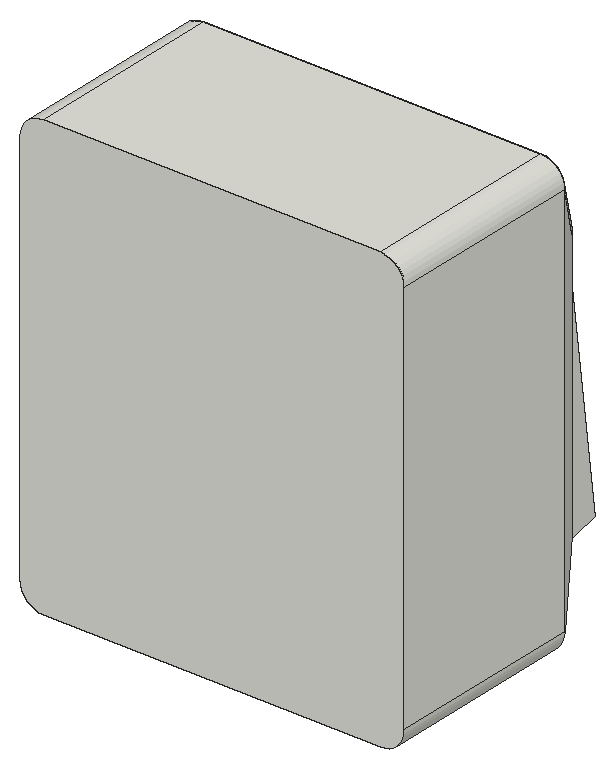
Revit family "IEK_Выключатель_ОУ_СИнд_10А_1кл_IP54_ГЕРМЕС_PLUS", category Выключатели, Revit 2019
Family settings
  Сохранять ориентацию аннотаций = Да
  Размер круглого соединителя = Использовать диаметр
  Тип детали = Переключатель
  На основе рабочей плоскости = Нет
  Всегда вертикально = Да
  При загрузке вырезать с полостями = Нет
  Общий = Нет
  Точка расчета площади = Нет
Parameters (values of type "ВС20-1-1-ГПБ")
  Ширина = 72 mm  # constant formula
  Тип монтажа = "Поверхность монтажа (открытая установка)"  # constant formula
  Степень защиты = "IP54"  # constant formula
  Описание = "Изделия серии \"ГЕРМЕС PLUS\" используются в помещениях с повышенной влажностью или запыленностью, а также под навесом на открытом воздухе."
  Изготовитель = "IEK"  # constant formula
  Диаметр_Короб [instance] = 16 mm
  Глубина = 52 mm  # constant formula
  Высота = 72 mm  # constant formula
  ΔХ [instance] = 2000 mm
  ΔY [instance] = 2000 mm
  URL = "https://www.iek.ru/"
  IEK_Поиск в таблице имен = ""
  ADSK_Ток [instance] = 10 A  # constant formula
  ADSK_Примечание = ""
  ADSK_Полная мощность [instance] = ADSK_Номинальная мощность / ADSK_Коэффициент мощности  # 2200 VA
  ADSK_Позиция [instance] = ""
  ADSK_Номинальная мощность [instance] = ADSK_Ток * ADSK_Напряжение * sqrt(ADSK_Количество фаз числовое) * ADSK_Коэффициент мощности  # 2200 W
  ADSK_Напряжение = 220 V
  ADSK_Наименование краткое = "ВС20-1-1-ГПБ"
  ADSK_Наименование = "Выключатель 1-клавишный для открытой установки с индикацией ВС20-1-1-ГПБ IP54 ГЕРМЕС PLUS (цвет клавиши: белый) IEK"
  ADSK_Материал обозначение = ""
  ADSK_Материал наименование = "Пластик"  # constant formula
  ADSK_Материал = Цвет белый
  ADSK_Масса = 0.11
  ADSK_Марка = "ГЕРМЕС PLUS"  # constant formula
  ADSK_Коэффициент мощности [instance] = 1  # constant formula
  ADSK_Количество фаз числовое = 1
  ADSK_Количество фаз = 1
  ADSK_Код изделия = "EVMP11-K01-10-54-EC"
  ADSK_Классификация нагрузок [instance] = Прочее
  ADSK_Завод-изготовитель = Изготовитель  # "IEK"
  ADSK_Единица измерения = "шт."  # constant formula
  ADSK_Группирование = "Электроустановочные изделия низковольтные"  # constant formula
  ADSK_Версия семейства = "01.10.25"  # constant formula
  ADSK_Версия Revit = "v2019"  # constant formula
  ADSK_URL страницы изделия = "https://qr.iek.group/EVMP11-K01-10-54-EC"
Reference planes
  plane 1 "По центру (Вперед/Назад)": y = 0
  plane 2: z = 0
  plane 3 "По центру (Влево/Вправо)": x = 0
  plane 4 "Высота ножек": z = 280
  plane 5 "Высота": z = 2081.496
  plane 6: x = -2000
  plane 7: y = 2000
Forms (mm)
  Extrusion 1, solid, detail levels coarse
    sketch origin (5.5, 24, 0) x (1, 0, 0) y (0, 1, 0)
      loop
        line (-38, -24) -> (27, -24) -> (27, 22.483) -> (-38, 22.483) -> (-38, -24)
    from 0 to 75
  Extrusion 2, solid, detail levels medium
    sketch origin (-5.5, 24, 0) x (1, 0, 0) y (0, 1, 0)
      loop
        line (-27, 22.483) -> (-27, -24) -> (38, -24) -> (38, 22.483) -> (-27, 22.483)
    from 0 to 75
  Extrusion 3, solid, material "Цвет белый" <- "ADSK_Материал", detail levels fine
    sketch origin (0, 0, 556.425) x (1, 0, 0) y (0, 0, -1)
      loop
        arc (-32.5, 485.425) -> (-31.328, 482.596) -> (-28.5, 481.425) r 4
        line (-28.5, 481.425) -> (28.5, 481.425)
        arc (28.5, 481.425) -> (31.328, 482.596) -> (32.5, 485.425) r 4
        line (32.5, 485.425) -> (32.5, 552.425)
        arc (32.5, 552.425) -> (31.328, 555.253) -> (28.5, 556.425) r 4
        line (28.5, 556.425) -> (-28.5, 556.425)
        arc (-28.5, 556.425) -> (-31.328, 555.253) -> (-32.5, 552.425) r 4
        line (-32.5, 552.425) -> (-32.5, 485.425)
    from 0 to 33.882
  Blend 4, solid, material "Цвет белый" <- "ADSK_Материал", detail levels fine
    base sketch origin (0, 0, 556.425) x (1, 0, 0) y (0, 0, -1)
      loop
        arc (-32.5, 485.425) -> (-31.328, 482.596) -> (-28.5, 481.425) r 4
        line (-28.5, 481.425) -> (28.5, 481.425)
        arc (28.5, 481.425) -> (31.328, 482.596) -> (32.5, 485.425) r 4
        line (32.5, 485.425) -> (32.5, 552.425)
        arc (32.5, 552.425) -> (31.328, 555.253) -> (28.5, 556.425) r 4
        line (28.5, 556.425) -> (-28.5, 556.425)
        arc (-28.5, 556.425) -> (-31.328, 555.253) -> (-32.5, 552.425) r 4
        line (-32.5, 552.425) -> (-32.5, 485.425)
    top sketch origin (0, 0, 556.425) x (1, 0, 0) y (0, 0, -1)
      loop
        arc (-28.842, 496.034) -> (-27.846, 493.63) -> (-25.442, 492.634) r 3.4
        line (-25.442, 492.634) -> (25.445, 492.634)
        arc (25.445, 492.634) -> (27.849, 493.63) -> (28.845, 496.034) r 3.4
        line (28.845, 496.034) -> (28.845, 541.816)
        arc (28.845, 541.816) -> (27.849, 544.22) -> (25.445, 545.216) r 3.4
        line (25.445, 545.216) -> (-25.442, 545.216)
        arc (-25.442, 545.216) -> (-27.846, 544.22) -> (-28.842, 541.816) r 3.4
        line (-28.842, 541.816) -> (-28.842, 496.034)
    from 33.882 to 40
  Extrusion 5, void
    sketch origin (0, 0, 556.425) x (1, 0, 0) y (0, 0, -1)
      loop
        line (-28.25, 541.393) -> (-28.25, 496.243)
        arc (-28.25, 496.243) -> (-27.371, 494.122) -> (-25.25, 493.243) r 3
        line (-25.25, 493.243) -> (25.25, 493.243)
        arc (25.25, 493.243) -> (27.371, 494.122) -> (28.25, 496.243) r 3
        line (28.25, 496.243) -> (28.25, 541.393)
        arc (28.25, 541.393) -> (27.371, 543.514) -> (25.25, 544.393) r 3
        line (25.25, 544.393) -> (-25.25, 544.393)
        arc (-25.25, 544.393) -> (-27.371, 543.514) -> (-28.25, 541.393) r 3
    from 38.844 to 40
  Extrusion 6, solid, material "Цвет белый" <- "ADSK_Материал", detail levels fine
    sketch origin (0, 8.344, 557.693) x (0, 0, -1) y (0, 1, 0)
      loop
        line (545.332, 30.5) -> (543.608, 38.121)
        arc (543.608, 38.121) -> (519.308, 36.271) -> (495.326, 31.933) r 236.751
        line (495.326, 31.933) -> (495.326, 30.5) -> (545.332, 30.5)
    from -27.5 to 27.5
  Extrusion 7, void
    sketch origin (0, 0, 0) x (1, 0, 0) y (0, 0, 1)
      loop
        arc (5, 15.963) -> (0, 18.33) -> (-5, 15.963) r 6.464
        line (-5, 15.963) -> (5, 15.963)
    from -46.483 to -44.647
  Extrusion 8, solid, material "Стекло красное", detail levels fine
    sketch origin (0, 0, 0) x (1, 0, 0) y (0, 0, 1)
      loop
        arc (5, 15.963) -> (0, 18.33) -> (-5, 15.963) r 6.464
        line (-5, 15.963) -> (5, 15.963)
    from -46.483 to -44.647
Cuts and joins
  Extrusion 5 cuts Blend 4
  Extrusion 7 cuts Extrusion 1
  Extrusion 7 cuts Extrusion 2
  Extrusion 7 cuts Extrusion 3
Lines and regions (mm)
  reference lines
    curve 1: line (0, 44.647, 0) -> (0, -55.353, 0)
    curve 2: line (-23.829, 0, 0) -> (76.171, 0, 0)
Dimensions and locks
  locked: plane 4 "Высота ножек" to plane 2 at 280
  plane 5 "Высота" to plane 4 "Высота ножек" = 1801.496 mm
  "ΔХ": plane 6 to curve 1
  "ΔY": plane 7 to curve 2
  aligned and locked: level to plane 2
  aligned and locked: curve 2 to nested 1
  aligned and locked: nested 1 to curve 1
Automatic sketch dimensions
  Extrusion 1 sketch curve to plane 1 "По центру (Вперед/Назад)" = 46.483 mm
  Extrusion 1 sketch curve to plane 3 "По центру (Влево/Вправо)" = 32.5 mm
  plane 3 "По центру (Влево/Вправо)" to Extrusion 1 sketch curve = 32.5 mm
  plane 1 "По центру (Вперед/Назад)" to Extrusion 1 sketch curve = 0 mm
  Extrusion 2 sketch curve to plane 3 "По центру (Влево/Вправо)" = 32.5 mm
  plane 3 "По центру (Влево/Вправо)" to Extrusion 2 sketch curve = 32.5 mm
  plane 1 "По центру (Вперед/Назад)" to Extrusion 2 sketch curve = 0 mm
  Extrusion 2 sketch curve to plane 1 "По центру (Вперед/Назад)" = 46.483 mm
  Extrusion 3 sketch curve to level = 0 mm
  Extrusion 3 sketch curve to plane 3 "По центру (Влево/Вправо)" = 32.5 mm
  Extrusion 3 sketch curve to Extrusion 3 sketch curve = 4 mm  (x3)
  plane 3 "По центру (Влево/Вправо)" to Extrusion 3 sketch curve = 28.5 mm  (x2)
  Extrusion 3 sketch curve to Extrusion 3 sketch curve = 67 mm
  Blend 4 sketch curve to level = 0 mm
  Blend 4 sketch curve to plane 3 "По центру (Влево/Вправо)" = 32.5 mm
  Blend 4 sketch curve to Blend 4 sketch curve = 4 mm  (x3)
  plane 3 "По центру (Влево/Вправо)" to Blend 4 sketch curve = 28.5 mm  (x2)
  Blend 4 sketch curve to Blend 4 sketch curve = 67 mm
  Blend 4 sketch curve to plane 3 "По центру (Влево/Вправо)" = 28.842 mm
  Blend 4 sketch curve to Blend 4 sketch curve = 3.4 mm  (x3)
  level to Blend 4 sketch curve = 11.209 mm
  plane 3 "По центру (Влево/Вправо)" to Blend 4 sketch curve = 25.445 mm  (x2)
  Blend 4 sketch curve to Blend 4 sketch curve = 45.782 mm
  Extrusion 5 sketch curve to plane 3 "По центру (Влево/Вправо)" = 28.25 mm
  Extrusion 5 sketch curve to Extrusion 5 sketch curve = 3 mm  (x3)
  plane 3 "По центру (Влево/Вправо)" to Extrusion 5 sketch curve = 25.25 mm  (x2)
  level to Extrusion 5 sketch curve = 15.032 mm
  Extrusion 5 sketch curve to Extrusion 5 sketch curve = 45.15 mm
  level to Extrusion 6 sketch curve = 62.367 mm
  level to Extrusion 6 sketch curve = 14.085 mm
  Extrusion 6 sketch curve to Extrusion 6 sketch curve = 1.724 mm
  level to Extrusion 6 sketch curve = 8.292 mm
  plane 1 "По центру (Вперед/Назад)" to Extrusion 6 sketch curve = 190.215 mm
  Extrusion 6 sketch curve to plane 1 "По центру (Вперед/Назад)" = 38.844 mm
  Extrusion 6 sketch curve to Extrusion 6 sketch curve = 1.433 mm
  Extrusion 7 sketch curve to plane 3 "По центру (Влево/Вправо)" = 0 mm
  Extrusion 7 sketch curve to plane 3 "По центру (Влево/Вправо)" = 5 mm
  level to Extrusion 7 sketch curve = 11.866 mm
  Extrusion 7 sketch curve to Extrusion 7 sketch curve = 4.097 mm
  Extrusion 8 sketch curve to plane 3 "По центру (Влево/Вправо)" = 0 mm
  Extrusion 8 sketch curve to plane 3 "По центру (Влево/Вправо)" = 5 mm
  level to Extrusion 8 sketch curve = 11.866 mm
  Extrusion 8 sketch curve to Extrusion 8 sketch curve = 4.097 mm
  curve 2 to plane 3 "По центру (Влево/Вправо)" = 23.829 mm
  plane 3 "По центру (Влево/Вправо)" to curve 2 = 76.171 mm
  plane 1 "По центру (Вперед/Назад)" to curve 1 = 55.353 mm
  curve 1 to plane 1 "По центру (Вперед/Назад)" = 44.647 mm
Nested families
  nested 1: "УГО Выключателя" at (0, 0, 0), type "1K-O", detail levels coarse+medium
    with IP44 yes
Connectors
  electrical at (0, 0, 37.5), driven by "ADSK_Количество фаз", driven by "ADSK_Классификация нагрузок", driven by "ADSK_Напряжение", driven by "ADSK_Полная мощность", driven by "ADSK_Коэффициент мощности"
    settings: on Extrusion 1, index 1, voltage 220 V, apparent load 0 VA, apparent load phase1 2200 VA, apparent load phase2 0 VA, apparent load phase3 0 VA, power factor 1, load classification "Прочее", number of poles 1, system type 30, power factor state 1, is connector primary yes, connector utility no, sub classification motor no, connector description ""
  cabletrayconduit at (0, 16.941, 75), diameter 16, driven by "Диаметр_Короб"
    settings: on cut or joined group of Extrusion 3, Extrusion 7, index 2, connector width 300 mm, connector height 300 mm, connector angle 0.00°, system type 32, placement type 0, profile type 0, connector reference index -1, is primary connector yes, connector utility param no, connector description ""
Definition of nested family "УГО Выключателя"
  Parameters (values of type "3K-O")
    IP44 [instance] = no
    3K-C = no
    2K-C = no
    1K-C = no
    3K-O = yes
    2K-O = no
    1K-O = no
  Types (6, lengths in mm): name | 3K-C | 2K-C | 1K-C | 3K-O | 2K-O | 1K-O
    2K-O | no | no | no | no | yes | no
    3K-O | no | no | no | yes | no | no
    2K-C | no | yes | no | no | no | no
    1K-O | no | no | no | no | no | yes
    1K-C | no | no | yes | no | no | no
    3K-C | yes | no | no | no | no | no
  Reference planes
    plane 1: y = 0
    plane 2: x = 0
  Lines and regions (mm)
    Filled region 1, type "Цветовая область 1", visible <- "IP44", not visible
      outline origin (0, 0, 0) x (1, 0, 0) y (0, 1, 0)
        loop
          circle (0, 2.214) r 0.994
    Filled region 2, type "Цветовая область 1", visible <- "IP44", not visible
      outline origin (-1.562, 0, 0) x (1, 0, 0) y (0, 1, 0)
        loop
          circle (11.009, 9.276) r 0.994
    Filled region 3, type "Цветовая область 1", visible <- "IP44", not visible
      outline origin (-1.562, 0, 0) x (1, 0, 0) y (0, 1, 0)
        loop
          circle (23.521, 9.279) r 0.994
    Filled region 4, type "Цветовая область 1", visible <- "IP44", not visible
      outline origin (0, 0, 0) x (1, 0, 0) y (0, 1, 0)
        loop
          circle (28.604, 9.279) r 0.994
    Filled region 5, type "Цветовая область 1", visible <- "IP44", not visible
      outline origin (0, 0, 0) x (1, 0, 0) y (0, 1, 0)
        loop
          circle (32.789, 9.279) r 0.994
    Filled region 6, type "Цветовая область 1", visible <- "IP44"
      outline origin (0, 0, 0) x (1, 0, 0) y (0, 1, 0)
        loop
          circle (0.006, 0.994) r 0.994
    Filled region 7, type "Цветовая область 1", visible <- "IP44"
      outline origin (0, 0, 0) x (1, 0, 0) y (0, 1, 0)
        loop
          circle (0.006, 0.994) r 0.994
    Filled region 8, type "Цветовая область 1", visible <- "IP44"
      outline origin (-1.562, 0, 0) x (1, 0, 0) y (0, 1, 0)
        loop
          circle (1.569, 0.994) r 0.994
    Filled region 9, type "Цветовая область 1", visible <- "IP44"
      outline origin (0, 0, 0) x (1, 0, 0) y (0, 1, 0)
        loop
          circle (0.006, 0.994) r 0.994
    Filled region 10, type "Цветовая область 1", visible <- "IP44", not visible
      outline origin (0, 0, 0) x (1, 0, 0) y (0, 1, 0)
        loop
          circle (15.057, 15.33) r 0.994
    Filled region 11, type "Цветовая область 1", visible <- "IP44"
      outline origin (-1.562, 0, 0) x (1, 0, 0) y (0, 1, 0)
        loop
          circle (1.569, 0.994) r 0.994
    Filled region 12, type "Цветовая область 1", visible <- "IP44"
      outline origin (0, 0, 0) x (1, 0, 0) y (0, 1, 0)
        loop
          circle (0.006, 0.994) r 0.994
    detail lines, visible <- "3K-O", not visible
      curve 1: line (0.86, 2.711, 0) -> (3.031, 3.964, 0)
      curve 2: line (0.639, 2.975, 0) -> (2.25, 4.895, 0)
      curve 3: line (0.323, 3.154, 0) -> (1.139, 5.524, 0)
      curve 4: circle (0, 2.214, 0) r 0.994 normal (0, 0, 1)
      curve 5: line (3.031, 3.964, 0) -> (3.431, 3.272, 0)
      curve 6: line (2.25, 4.895, 0) -> (2.863, 4.381, 0)
      curve 7: line (1.139, 5.524, 0) -> (1.896, 5.263, 0)
    detail lines, visible <- "2K-O", not visible
      curve 8: line (10.196, 9.928, 0) -> (12.088, 11.572, 0)
      curve 9: line (9.928, 10.145, 0) -> (11.143, 12.337, 0)
      curve 10: circle (9.446, 9.276, 0) r 0.994 normal (0, 0, 1)
      curve 11: line (12.088, 11.572, 0) -> (12.613, 10.968, 0)
      curve 12: line (11.143, 12.337, 0) -> (11.843, 11.949, 0)
    detail lines, visible <- "1K-O", not visible
      curve 13: line (15.627, 16.144, 0) -> (17.201, 18.393, 0)
      curve 14: circle (15.057, 15.33, 0) r 0.994 normal (0, 0, 1)
      curve 15: line (17.201, 18.393, 0) -> (17.857, 17.934, 0)
    detail lines, visible <- "3K-C", not visible
      curve 16: line (22.819, 9.775, 0) -> (24.99, 11.029, 0)
      curve 17: line (22.597, 10.04, 0) -> (24.208, 11.96, 0)
      curve 18: line (22.282, 10.218, 0) -> (23.098, 12.588, 0)
      curve 19: circle (21.958, 9.279, 0) r 0.994 normal (0, 0, 1)
      curve 20: line (24.765, 11.418, 0) -> (25.215, 10.639, 0)
      curve 21: line (23.863, 12.249, 0) -> (24.553, 11.67, 0)
      curve 22: line (22.672, 12.734, 0) -> (23.523, 12.441, 0)
    detail lines, visible <- "2K-C", not visible
      curve 23: line (29.354, 9.93, 0) -> (31.246, 11.575, 0)
      curve 24: line (29.086, 10.148, 0) -> (30.301, 12.34, 0)
      curve 25: circle (28.604, 9.279, 0) r 0.994 normal (0, 0, 1)
      curve 26: line (30.951, 11.914, 0) -> (31.541, 11.235, 0)
      curve 27: line (29.908, 12.558, 0) -> (30.695, 12.122, 0)
    detail lines, visible <- "1K-C", not visible
      curve 28: line (33.359, 10.092, 0) -> (34.797, 12.146, 0)
      curve 29: circle (32.789, 9.279, 0) r 0.994 normal (0, 0, 1)
      curve 30: line (34.428, 12.404, 0) -> (35.165, 11.887, 0)
    detail lines
      curve 31: line (0.006, 0, 0) -> (0.006, 2.454, 0)
      curve 32: line (0.006, 0, 0) -> (2.217, 0, 0)
    detail lines, visible <- "1K-C"
      curve 33: line (0.576, 1.808, 0) -> (2.014, 3.861, 0)
      curve 34: circle (0.006, 0.994, 0) r 0.994 normal (0, 0, 1)
      curve 35: line (1.645, 4.119, 0) -> (2.383, 3.603, 0)
    detail lines, visible <- "2K-C"
      curve 36: line (0.756, 1.645, 0) -> (2.648, 3.29, 0)
      curve 37: line (0.488, 1.863, 0) -> (1.703, 4.055, 0)
      curve 38: circle (0.006, 0.994, 0) r 0.994 normal (0, 0, 1)
      curve 39: line (2.353, 3.629, 0) -> (2.943, 2.95, 0)
      curve 40: line (1.31, 4.273, 0) -> (2.097, 3.837, 0)
    detail lines, visible <- "3K-C"
      curve 41: line (0.867, 1.49, 0) -> (3.037, 2.744, 0)
      curve 42: line (0.645, 1.755, 0) -> (2.256, 3.675, 0)
      curve 43: line (0.33, 1.933, 0) -> (1.146, 4.303, 0)
      curve 44: circle (0.006, 0.994, 0) r 0.994 normal (0, 0, 1)
      curve 45: line (2.812, 3.133, 0) -> (3.262, 2.354, 0)
      curve 46: line (1.911, 3.964, 0) -> (2.601, 3.386, 0)
      curve 47: line (0.72, 4.449, 0) -> (1.571, 4.156, 0)
    detail lines, visible <- "1K-O"
      curve 48: line (0.576, 1.808, 0) -> (2.151, 4.056, 0)
      curve 49: circle (0.006, 0.994, 0) r 0.994 normal (0, 0, 1)
      curve 50: line (2.151, 4.056, 0) -> (2.806, 3.597, 0)
    detail lines, visible <- "2K-O"
      curve 51: line (0.756, 1.645, 0) -> (2.648, 3.29, 0)
      curve 52: line (0.488, 1.863, 0) -> (1.703, 4.055, 0)
      curve 53: circle (0.006, 0.994, 0) r 0.994 normal (0, 0, 1)
      curve 54: line (2.648, 3.29, 0) -> (3.173, 2.686, 0)
      curve 55: line (1.703, 4.055, 0) -> (2.403, 3.667, 0)
    detail lines, visible <- "3K-O"
      curve 56: line (0.867, 1.49, 0) -> (3.037, 2.744, 0)
      curve 57: line (0.645, 1.755, 0) -> (2.256, 3.675, 0)
      curve 58: line (0.33, 1.933, 0) -> (1.146, 4.303, 0)
      curve 59: circle (0.006, 0.994, 0) r 0.994 normal (0, 0, 1)
      curve 60: line (3.037, 2.744, 0) -> (3.437, 2.051, 0)
      curve 61: line (2.256, 3.675, 0) -> (2.869, 3.161, 0)
      curve 62: line (1.146, 4.303, 0) -> (1.902, 4.042, 0)
